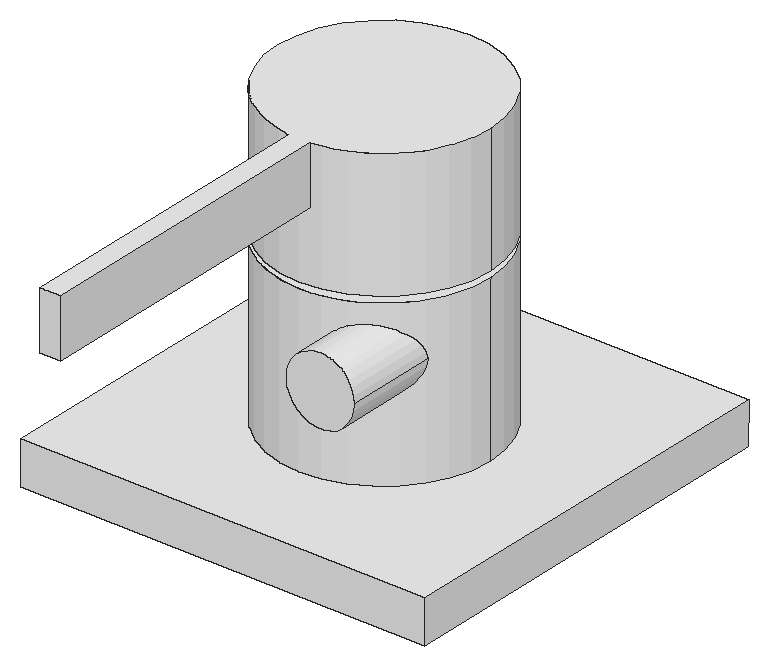
Revit family "KEUCO_59552019522", category Allgemeines Modell, Revit 2016
Family settings
  Teiletyp = Normal
  Kann Basisbauteil für Bewehrung sein = Nein
  Bemaßung runder Anschluss = Durchmesser verwenden
  Arbeitsebenenbasiert = Ja
  Immer vertikal = Nein
  Beim Laden mit Abzugskörper schneiden = Nein
  Gemeinsam genutzt = Nein
  Raumberechnungspunkt = Nein
Parameters (values of type "59552019522")
  Verwendung = "DU / WA"  # constant formula
  Preisgruppe = ""
  Kategorie = ""
  Gewicht = 0
  Breite = 45 mm
  URL = "https://www.keuco.com/de/produkte/sortiment/artikel/?pid=59552&oid=2&pgo=19&country=de&lang=de&vid=59552019522"
  Materialien bei Hersteller anfragen = "Anfrage zu:  objektmanagement@keuco.de"
  Beschreibung = "bestehend aus:\r\nEinhebelmischer mit Schlauchanschluss, Rosette eckig\r\n(59552 019502) und UP Funktionseinheit (59552 000170)\r\ngeräuschgeprüft nach DIN 4109, Geräuschklasse 1,\r\nDurchflussklasse A"
  Default Elevation = 1219.2 mm
  Serie = "Plan"  # constant formula
  Material = Stahl, verchromt
  Hersteller = "KEUCO"  # constant formula
  Assembly Code = ""
  Ausschreibungstext = "KEUCO Set IXMO - SOLO  59552019522\r\nEinhebelmischer mit integriertem Schlauchanschluss UP DN15\r\nHochglanzverchromter Einhebelmischer mit Schlauchanschluss für die Dusche \r\naus entzinkungsarmen Messing, mit eckiger Rosette, frei positionierbar,\r\nIntegrierter Einbautiefenausgleich von 65-95mm, Gehäuse schallentkoppelt,\r\nHochwertige Mischwasserkartusche mit keramischen Dichtscheiben und Temperaturbegrenzung,\r\nFertigset bestehend aus:\r\nHebel, Hülse, Rosette (eckig) und Funktionseinheit,\r\nGesamthöhe mit Griff 130 mm, Rosette 90 x 90 mm,\r\nStärke 10 mm, Gesamtausladung 89 mm\r\n\r\nInklusive KEUCO IXMO - SOLO UP Funktionseinheit  \r\nUP Funktionseinheit für Einhebelmischer mit integriertem Schlauchanschluss, DN15, \r\nSchallentkoppelter Grundkörper für den Wandeinbau, frei positionierbar,  \r\nEinbautiefe 65 mm – 95 mm, \r\nGrundplatte für 4 Befestigungsschrauben (bauseits), \r\nAnschlüsse G 1/2 Zoll mit farblicher Kennzeichnung"
  Artikelnummer = "59552019522"
Types (2, lengths in mm): name | URL | Beschreibung
  (no name) | "https://www.keuco.com" | "--"
  59552019522 | "https://www.keuco.com/de/produkte/sortiment/artikel/?pid=59552&oid=2&pgo=19&country=de&lang=de&vid=59552019522" | "bestehend aus:\r\nEinhebelmischer mit Schlauchanschluss, Rosette eckig\r\n(59552 019502) und UP Funktionseinheit (59552 000170)\r\ngeräuschgeprüft nach DIN 4109, Geräuschklasse 1,\r\nDurchflussklasse A"
Values of the unnamed type that differ from the named types
  Materialien bei Hersteller anfragen = "Request to:  objektmanagement@keuco.de"
  Ausschreibungstext = ""
Reference planes
  plane 1 "Center (Front/Back)": y = 0
  plane 2: z = 0
  plane 3 "Center (Left/Right)": x = 0
  plane 4: z = 80
Forms (mm)
  Extrusion 1, solid, material "Stahl, verchromt" <- "Material"
    sketch origin (0, 16.5, 20) x (0, 1, 0) y (-1, 0, 0)
      loop
        line (31, 47.5) -> (-64, 47.5) -> (-64, -47.5) -> (31, -47.5) -> (31, 47.5)
    from -20 to -10
  Extrusion 2, solid, material "Stahl, verchromt" <- "Material"
    sketch origin (0, 16.5, 20) x (0, 1, 0) y (-1, 0, 0)
      loop
        circle (-16.5, 0) r 25
    from -10 to 28.524
  Extrusion 3, solid, material "Stahl, verchromt" <- "Material"
    sketch origin (0, 16.5, 60) x (1, 0, 0) y (0, 1, 0)
      loop
        circle (0, -16.5) r 25
    from -10 to 20
  Extrusion 4, solid, material "Stahl, verchromt" <- "Material"
    sketch origin (0, 16.5, 20) x (0, 1, 0) y (-1, 0, 0)
      loop
        line (-39.628, 2.5) -> (-114.628, 2.5) -> (-114.628, -2.5) -> (-39.628, -2.5) -> (-39.628, 2.5)
    from 46.32 to 60
  Extrusion 5, solid, material "Stahl, verchromt" <- "Material"
    sketch origin (0.067, 0.434, 0) x (1, 0, 0) y (0, 0, 1)
      loop
        circle (12.956, 36) r 8.015
    from 13.274 to 35.444
Cuts and joins
  joined: Extrusion 3, Extrusion 4
  joined: Extrusion 2, Extrusion 5
Dimensions and locks
  plane 4 to plane 2 = 80 mm
  Extrusion 3 to Extrusion 3 = 30 mm
  aligned and locked: level to plane 2
